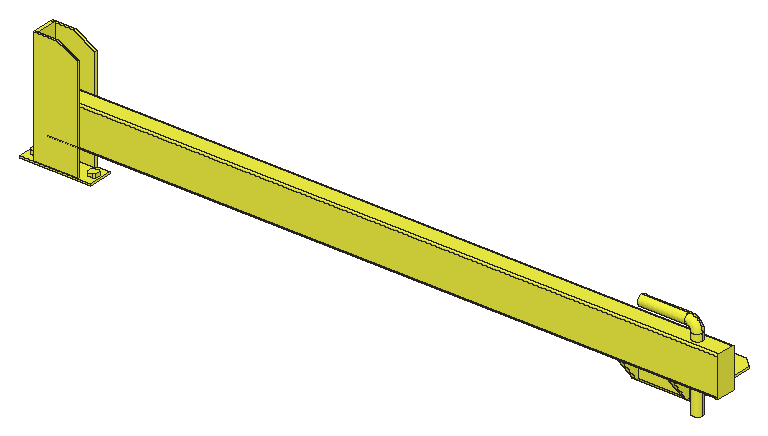
Revit family "LoadingDoorProtector_McCue_CSLDP-KIT", category Generic Models, Revit 2015
Parameters (values of type "52" Length")
  Width = 1 1/2"
  Vertical Extension = 49 59/64"
  Vertical [instance] = no
  URL = "http://www.mccue.com/"
  Type Comments = ""
  Test Data = ""
  Specification = "http://www.arcat.com/arcatcos/cos38/arc38172.html"
  Sales Information = "http://www.mccue.com/contact-us"
  Revision = "R1_2018-01"
  Protector Material = McCue 307 Yellow
  Product Data = "http://www.arcat.com/arcatcos/cos38/arc38172.html"
  Model = "CSLDP-KIT"
  Manufacturer Website = "https://mccue.com/"
  Manufacturer Phone - Toll Free = "(800) 800-8503"
  Manufacturer Phone = "(978) 741-8500"
  Manufacturer Fax = "(978) 741-2542"
  Manufacturer Address = "13 Centennial Dr, Peabody, MA 01960"
  Manufacturer = "McCue Corporation"
  Keynote = "10 26 23.13"
  Installation-Fabrication = "http://www.mccue.com/solutions/documents"
  Horizontal Extension = 51 187/256"
  Horizontal [instance] = yes
  Green Building-LEED = "http://www.arcat.com/green/green_building.shtml"
  Drawn By = "Sumex Design / Robert S. Weygant"
  Description = "McCue CSLDP KIT Loading Door Protector"
  Cost = 0
  Copyright = "2018 ARCAT Inc"
  Construction Details = "http://www.mccue.com/solutions/documents"
  Category = ""
  Building Codes = ""
Reference planes (in)
  plane 1 "Center (Front/Back)": y = 0
  plane 2 "Bottom": z = 0
  plane 3 "Left": x = 0
  plane 4 "Right": x = 51.73047
  plane 5 "Back": y = 0.75
  plane 6 "Front": y = -0.75
  plane 7 "Top": z = 49.92187
  plane 8: z = 8.75
  plane 9: x = 1
  plane 10: y = -0.875
  plane 11: y = 0.875
  plane 12: z = 0.125
  plane 13: x = 4.25
  plane 14: x = 1.25
  plane 15: x = 5.25
  plane 16: x = 0.5
  plane 17: x = 4.75
  plane 18: z = 2
  plane 19: z = 5
  plane 20: x = 1.875
  plane 21: z = 47.79187
  plane 22: x = 49.60047
  plane 23: z = 46.79187
  plane 24: x = 48.60047
Forms (in)
  Extrusion 1, solid, material "McCue 307 Yellow" <- "Protector Material"
    sketch origin (0, 0, 0) x (1, 0, 0) y (0, 0, 1)
      loop
        line (1, 8.75) -> (1, 0.125) -> (4.25, 0.125) -> (4.25, 7.84789) -> (2.6875, 8.75) -> (1, 8.75)
    from 0.75 to 0.875
  Extrusion 2, solid, material "McCue 307 Yellow" <- "Protector Material"
    sketch origin (0, 1.75, 0) x (1, 0, 0) y (0, 0, 1)
      loop
        line (1, 8.75) -> (1, 0.125) -> (4.25, 0.125) -> (4.25, 7.84789) -> (2.6875, 8.75) -> (1, 8.75)
    from 0.875 to 1
  Extrusion 3, solid, material "McCue 307 Yellow" <- "Protector Material"
    sketch origin (0, 0, 0) x (1, 0, 0) y (0, 1, 0)
      loop
        line (1, 0.75) -> (1, -0.75) -> (1.25, -0.75) -> (1.25, 0.75) -> (1, 0.75)
    from 0.125 to 8.75
  Extrusion 4, solid, material "McCue 307 Yellow" <- "Protector Material"
    sketch origin (0, 0, 0) x (1, 0, 0) y (0, 1, 0)
      loop
        line (0, 0.875) -> (0, -0.875) -> (5.25, -0.875) -> (5.25, 0.875) -> (0, 0.875)
    from 0 to 0.125
  Extrusion 5, solid, material "McCue 307 Yellow" <- "Protector Material", visible <- "Vertical"
    sketch origin (0, 0, 0) x (1, 0, 0) y (0, 1, 0)
      loop
        arc (1.375, 0.75) -> (1.28661, 0.71339) -> (1.25, 0.625) r 0.125
        line (1.25, 0.625) -> (1.25, -0.625)
        arc (1.25, -0.625) -> (1.28661, -0.71339) -> (1.375, -0.75) r 0.125
        line (1.375, -0.75) -> (4.125, -0.75)
        arc (4.125, -0.75) -> (4.21339, -0.71339) -> (4.25, -0.625) r 0.125
        line (4.25, -0.625) -> (4.25, 0.625)
        arc (4.25, 0.625) -> (4.21339, 0.71339) -> (4.125, 0.75) r 0.125
        line (4.125, 0.75) -> (1.375, 0.75)
    from 2 to 49.92188
  Extrusion 6, solid, material "McCue 307 Yellow" <- "Protector Material", visible <- "Horizontal"
    sketch origin (0, 0, 0.375) x (0, 1, 0) y (0, 0, 1)
      loop
        arc (-0.625, 4.625) -> (-0.71339, 4.58839) -> (-0.75, 4.5) r 0.125
        line (-0.75, 4.5) -> (-0.75, 1.75)
        arc (-0.75, 1.75) -> (-0.71339, 1.66161) -> (-0.625, 1.625) r 0.125
        line (-0.625, 1.625) -> (0.625, 1.625)
        arc (0.625, 1.625) -> (0.71339, 1.66161) -> (0.75, 1.75) r 0.125
        line (0.75, 1.75) -> (0.75, 4.5)
        arc (0.75, 4.5) -> (0.71339, 4.58839) -> (0.625, 4.625) r 0.125
        line (0.625, 4.625) -> (-0.625, 4.625)
    from 1.875 to 51.73047
Dimensions and locks (in)
  "Horizontal Extension": plane 3 "Left" to plane 4 "Right"
  equal spacing: plane 5 "Back", plane 1 "Center (Front/Back)", plane 6 "Front"
  "Width": plane 5 "Back" to plane 6 "Front"
  "Vertical Extension": plane 7 "Top" to level
  locked: plane 8 to level at 8.75
  locked: plane 9 to plane 3 "Left" at 1
  locked: plane 11 to plane 5 "Back" at 0.125
  locked: plane 6 "Front" to plane 10 at 0.125
  locked: plane 12 to level at 0.125
  locked: plane 14 to plane 9 at 0.25
  locked: plane 13 to plane 14 at 3
  locked: plane 15 to plane 13 at 1
  equal spacing: plane 3 "Left", plane 16, plane 9
  equal spacing: plane 13, plane 17, plane 15
  plane 18 to level = 2"
  locked: plane 19 to plane 18 at 3
  locked: plane 20 to plane 14 at 0.625
  locked: plane 7 "Top" to plane 21 at 2.13
  locked: plane 22 to plane 4 "Right" at 2.13
  locked: plane 21 to plane 23 at 1
  locked: plane 22 to plane 24 at 1
  aligned and locked: plane 2 "Bottom" to level
  aligned and locked: plane 9 to Extrusion 1 sketch curve
  aligned and locked: Extrusion 1 sketch curve to plane 8
  aligned and locked: Extrusion 1 sketch curve to plane 13
  aligned and locked: plane 12 to Extrusion 1 sketch curve
  aligned and locked: plane 6 "Front" to Extrusion 1
  aligned and locked: Extrusion 1 to plane 10
  aligned and locked: plane 11 to Extrusion 2
  aligned and locked: Extrusion 2 to plane 5 "Back"
  aligned and locked: plane 9 to Extrusion 2 sketch curve
  aligned and locked: Extrusion 2 sketch curve to plane 13
  aligned and locked: Extrusion 2 sketch curve to plane 8
  aligned and locked: plane 12 to Extrusion 2 sketch curve
  aligned and locked: Extrusion 3 sketch curve to plane 5 "Back"
  aligned and locked: plane 6 "Front" to Extrusion 3 sketch curve
  aligned and locked: plane 9 to Extrusion 3 sketch curve
  aligned and locked: Extrusion 3 sketch curve to plane 14
  aligned and locked: Extrusion 3 to plane 12
  aligned and locked: plane 8 to Extrusion 3
  aligned and locked: plane 3 "Left" to Extrusion 4 sketch curve
  aligned and locked: Extrusion 4 sketch curve to plane 15
  aligned and locked: Extrusion 4 sketch curve to plane 11
  aligned and locked: plane 10 to Extrusion 4 sketch curve
  aligned and locked: plane 12 to Extrusion 4
  aligned and locked: Extrusion 4 to level
  aligned and locked: plane 1 "Center (Front/Back)" to nested 1
  aligned and locked: plane 16 to nested 1
  aligned and locked: plane 1 "Center (Front/Back)" to nested 2
  aligned and locked: nested 2 to plane 17
  aligned and locked: plane 14 to Extrusion 5 sketch curve
  aligned and locked: Extrusion 5 sketch curve to plane 5 "Back"
  aligned and locked: plane 6 "Front" to Extrusion 5 sketch curve
  aligned and locked: Extrusion 5 sketch curve to plane 13
  aligned and locked: plane 7 "Top" to Extrusion 5
  aligned and locked: Extrusion 5 to plane 18
  aligned and locked: Extrusion 6 sketch curve to plane 19
  aligned and locked: plane 18 to Extrusion 6 sketch curve
  aligned and locked: plane 6 "Front" to Extrusion 6 sketch curve
  aligned and locked: Extrusion 6 sketch curve to plane 5 "Back"
  aligned and locked: plane 4 "Right" to Extrusion 6
  aligned and locked: Extrusion 6 to plane 20
  aligned and locked: plane 12 to nested 1
  aligned and locked: plane 12 to nested 2
  aligned and locked: plane 3 "Left" to nested 3
  aligned and locked: plane 1 "Center (Front/Back)" to nested 3
  aligned and locked: plane 21 to nested 3
  aligned and locked: plane 1 "Center (Front/Back)" to nested 4
  aligned and locked: nested 4 to plane 22
  aligned and locked: nested 5 to plane 13
  aligned and locked: nested 5 to plane 5 "Back"
  aligned and locked: plane 23 to nested 5
  aligned and locked: plane 18 to nested 6
  aligned and locked: nested 6 to plane 5 "Back"
  aligned and locked: plane 24 to nested 6
  aligned and locked: level to nested 4
Automatic sketch dimensions
  plane 14 to Extrusion 1 sketch curve = 1 7/16"
  Extrusion 1 sketch curve to plane 8 = 0.90211"
  plane 14 to Extrusion 2 sketch curve = 1 7/16"
  Extrusion 2 sketch curve to plane 8 = 0.90211"
  plane 14 to Extrusion 5 sketch curve = 1/8"
  Extrusion 5 sketch curve to plane 5 "Back" = 1/8"  (x2)
  Extrusion 5 sketch curve to plane 13 = 1/8"
  plane 6 "Front" to Extrusion 6 sketch curve = 1/8"  (x2)
  Extrusion 6 sketch curve to plane 5 "Back" = 1/8"  (x2)
Nested families (in)
  nested 1: "Bolt_McCue" at (0.5, 0, 0.125), Bolt Material <- "Protector Material", type "Bolt_McCue"
    with Bolt Material McCue 307 Yellow
  nested 2: "Bolt_McCue" at (4.75, 0, 0.125), Bolt Material <- "Protector Material", type "Bolt_McCue"
    with Bolt Material McCue 307 Yellow
  nested 3: "McCue_Rod" at (-0.375, 0, 43.66687), visible <- "Vertical", Material <- "Protector Material", type "McCue_Rod"
    with Material McCue 307 Yellow
  nested 4: "McCue_Rod_V" at (45.47547, 0, 0), visible <- "Horizontal", Material <- "Protector Material", type "McCue_Rod_V"
    with Material McCue 307 Yellow
  nested 5: "McCue_Arm" at (3.25, 0.75, 42.29188), visible <- "Vertical", Material <- "Protector Material", type "McCue_Arm"
    with Material McCue 307 Yellow
  nested 6: "McCue_Arm2" at (44.10047, 0.75, 0), visible <- "Horizontal", Material <- "Protector Material", type "McCue_Arm2"
    with Material McCue 307 Yellow
Definition of nested family "Bolt_McCue"
  Parameters (values of type "Bolt_McCue")
    Height = 1/4"
    Diameter = 5/8"
    Bolt Material [instance] = none
  Reference planes (in)
    plane 1 "Center (Front/Back)": y = 0
    plane 2 "Bottom": z = 0
    plane 3 "Center (Left/Right)": x = 0
    plane 4 "Back": y = 0.3125
    plane 5 "Front": y = -0.3125
    plane 6: x = -0.3125
    plane 7: x = 0.3125
    plane 8 "Top": z = 0.25
  Forms (in)
    Extrusion 1, solid, material <- "Bolt Material"
      sketch origin (0, 0, 0) x (1, 0, 0) y (0, 1, 0)
        loop
          line (-0.3125, 0.15625) -> (-0.3125, -0.15625) -> (-0.15625, -0.3125) -> (0.15625, -0.3125) -> (0.3125, -0.15625) -> (0.3125, 0.15625) -> (0.15625, 0.3125) -> (-0.15625, 0.3125) -> (-0.3125, 0.15625)
      from 0 to 0.25
  Dimensions and locks (in)
    equal spacing: plane 4 "Back", plane 1 "Center (Front/Back)", plane 5 "Front"
    "Diameter": plane 4 "Back" to plane 5 "Front"
    equal spacing: plane 6, plane 3 "Center (Left/Right)", plane 7
    "Diameter": plane 6 to plane 7
    "Height": plane 8 "Top" to level
    aligned and locked: plane 2 "Bottom" to level
    aligned and locked: plane 8 "Top" to Extrusion 1
    aligned and locked: Extrusion 1 to level
  Automatic sketch dimensions
    Extrusion 1 sketch curve to plane 6 = 0"
    Extrusion 1 sketch curve to plane 4 "Back" = 0"
    Extrusion 1 sketch curve to plane 5 "Front" = 0"
    Extrusion 1 sketch curve to plane 7 = 0"
    Extrusion 1 sketch curve to plane 3 "Center (Left/Right)" = 5/32"  (x2)
    plane 3 "Center (Left/Right)" to Extrusion 1 sketch curve = 5/32"  (x2)
    plane 1 "Center (Front/Back)" to Extrusion 1 sketch curve = 5/32"  (x2)
    Extrusion 1 sketch curve to plane 1 "Center (Front/Back)" = 5/32"  (x2)
Definition of nested family "McCue_Rod"
  Parameters (values of type "McCue_Rod")
    Material [instance] = none
  Reference planes (in)
    plane 1 "Center (Front/Back)": y = 0
    plane 2 "Bottom": z = 0
    plane 3 "Center (Left/Right)": x = 0
    plane 4 "Right": x = 6.5
    plane 5 "Top": z = 4.5
    plane 6 "Back": y = 0.375
    plane 7 "Front": y = -0.375
    plane 8: z = 4.125
    plane 9: x = 0.375
  Forms (in)
    Sweep 1, solid, material <- "Material"
      path origin (0, 0, 0) x (1, 0, 0) y (0, 0, 1)
        loop
          line (0, 0) -> (0, 3.5)
          arc (0, 3.5) -> (0.29289, 4.20711) -> (1, 4.5) r 1
          line (1, 4.5) -> (6.5, 4.5)
      profile origin (0, 0, 1.75) x (-1, 0, 0) y (0, -1, 0)
        loop
          circle (-0.375, 0) r 0.375
  Dimensions and locks (in)
    plane 4 "Right" to plane 3 "Center (Left/Right)" = 6 1/2"
    locked: plane 5 "Top" to plane 8 at 0.375
    locked: plane 3 "Center (Left/Right)" to plane 9 at 0.375
    aligned and locked: plane 2 "Bottom" to level
    aligned and locked: Sweep 1 sketch curve to plane 5 "Top"
    aligned and locked: plane 3 "Center (Left/Right)" to Sweep 1 sketch curve
    aligned and locked: plane 4 "Right" to Sweep 1 sketch curve
Definition of nested family "McCue_Rod_V"
  Parameters (values of type "McCue_Rod_V")
    Material [instance] = none
  Reference planes (in)
    plane 1 "Center (Front/Back)": y = 0
    plane 2 "Bottom": z = 0
    plane 3 "Center (Left/Right)": x = 0
    plane 4 "Right": x = 4.5
    plane 5: x = 4.125
    plane 6 "Back": y = 0.375
    plane 7 "Front": y = -0.375
    plane 8 "Top": z = 6.5
  Forms (in)
    Sweep 1, solid, material <- "Material"
      path origin (0, 0, 6.5) x (0, 0, -1) y (1, 0, 0)
        loop
          line (0, 0) -> (0, 3.5)
          arc (0, 3.5) -> (0.29289, 4.20711) -> (1, 4.5) r 1
          line (1, 4.5) -> (6.5, 4.5)
      profile origin (1.75, 0, 6.5) x (0, 0, 1) y (0, -1, 0)
        loop
          circle (-0.375, 0) r 0.375
  Dimensions and locks (in)
    aligned and locked: plane 2 "Bottom" to level
    aligned and locked: plane 3 "Center (Left/Right)" to Sweep 1  (x2)
    aligned and locked: Sweep 1 to level
Definition of nested family "McCue_Arm"
  Parameters (values of type "McCue_Arm")
    Material [instance] = none
  Reference planes (in)
    plane 1 "Center (Front/Back)": y = 0
    plane 2: z = 0
    plane 3 "Center (Left/Right)": x = 0
    plane 4: z = 4.5
    plane 5 "Right": x = 3
    plane 6: x = 1
    plane 7: y = 0.125
    plane 8: x = 2.875
    plane 9: y = 6
    plane 10: y = -1.5
    plane 11: z = 4.25
    plane 12: z = 4
    plane 13: z = 0.25
    plane 14: z = 0.5
  Forms (in)
    Extrusion 1, solid, material <- "Material"
      sketch origin (0, 0, 0) x (1, 0, 0) y (0, 1, 0)
        loop
          line (0, 0.125) -> (0, 0) -> (2.75, 0)
          arc (2.75, 0) -> (2.92678, 0.07322) -> (3, 0.25) r 0.25
          line (3, 0.25) -> (3, 0.45387) -> (2.875, 0.45387) -> (2.875, 0.125) -> (0, 0.125)
      from 0 to 4.5
    Extrusion 2, solid, material <- "Material"
      sketch origin (0, 0, 0) x (0, 1, 0) y (0, 0, 1)
        loop
          line (0.45387, 4.5) -> (0.45387, 0) -> (5.23651, 1.74074) -> (6, 2.58753) -> (6, 3.73651) -> (5.23651, 4.5) -> (0.45387, 4.5)
      from 2.875 to 3
    Extrusion 3, solid, material <- "Material"
      sketch origin (0, 0, 0) x (1, 0, 0) y (0, 1, 0)
        loop
          line (1, 0) -> (1, -1.5) -> (2.75, -0.15723) -> (2.75, 0) -> (1, 0)
      from 4 to 4.25
    Extrusion 4, solid, material <- "Material"
      sketch origin (0, 0, -3.75) x (1, 0, 0) y (0, 1, 0)
        loop
          line (1, 0) -> (1, -1.5) -> (2.75, -0.15723) -> (2.75, 0) -> (1, 0)
      from 4 to 4.25
  Dimensions and locks (in)
    locked: plane 4 to level at 4.5
    locked: plane 3 "Center (Left/Right)" to plane 5 "Right" at 3
    locked: plane 6 to plane 3 "Center (Left/Right)" at 1
    locked: plane 7 to plane 1 "Center (Front/Back)" at 0.125
    locked: plane 9 to plane 1 "Center (Front/Back)" at 6
    aligned and locked: plane 2 to level
    aligned and locked: plane 4 to Extrusion 1
    aligned and locked: Extrusion 1 to level
    aligned and locked: Extrusion 2 to plane 5 "Right"
    aligned and locked: plane 8 to Extrusion 2
    aligned and locked: plane 1 "Center (Front/Back)" to Extrusion 3 sketch curve
    aligned and locked: plane 11 to Extrusion 3
    aligned and locked: Extrusion 3 to plane 12
Definition of nested family "McCue_Arm2"
  Parameters (values of type "McCue_Arm2")
    Material [instance] = none
  Reference planes (in)
    plane 1 "Center (Front/Back)": y = 0
    plane 2: z = 0
    plane 3 "Center (Left/Right)": x = 0
    plane 4: y = 0.125
    plane 5: y = 6
    plane 6: y = -1.5
  Forms (in)
    Extrusion 1, solid, material <- "Material"
      sketch origin (0, 0, 3) x (0, 0, -1) y (0, 1, 0)
        loop
          line (0, 0.125) -> (0, 0) -> (2.75, 0)
          arc (2.75, 0) -> (2.92678, 0.07322) -> (3, 0.25) r 0.25
          line (3, 0.25) -> (3, 0.45387) -> (2.875, 0.45387) -> (2.875, 0.125) -> (0, 0.125)
      from 0 to 4.5
    Extrusion 2, solid, material <- "Material"
      sketch origin (0, 0, -2.875) x (1, 0, 0) y (0, 1, 0)
        loop
          line (4.5, 0.45387) -> (4.5, 5.23651) -> (3.73651, 6) -> (2.58753, 6) -> (1.74074, 5.23651) -> (0, 0.45387) -> (4.5, 0.45387)
      from 2.875 to 3
    Extrusion 3, solid, material <- "Material"
      sketch origin (0, 0, 3) x (0, 0, -1) y (0, 1, 0)
        loop
          line (1, 0) -> (1, -1.5) -> (2.75, -0.15723) -> (2.75, 0) -> (1, 0)
      from 4 to 4.25
    Extrusion 4, solid, material <- "Material"
      sketch origin (-3.75, 0, 3) x (0, 0, -1) y (0, 1, 0)
        loop
          line (1, 0) -> (1, -1.5) -> (2.75, -0.15723) -> (2.75, 0) -> (1, 0)
      from 4 to 4.25
  Dimensions and locks (in)
    locked: plane 4 to plane 1 "Center (Front/Back)" at 0.125
    locked: plane 5 to plane 1 "Center (Front/Back)" at 6
    aligned and locked: plane 2 to level
    aligned and locked: plane 1 "Center (Front/Back)" to Extrusion 3 sketch curve
